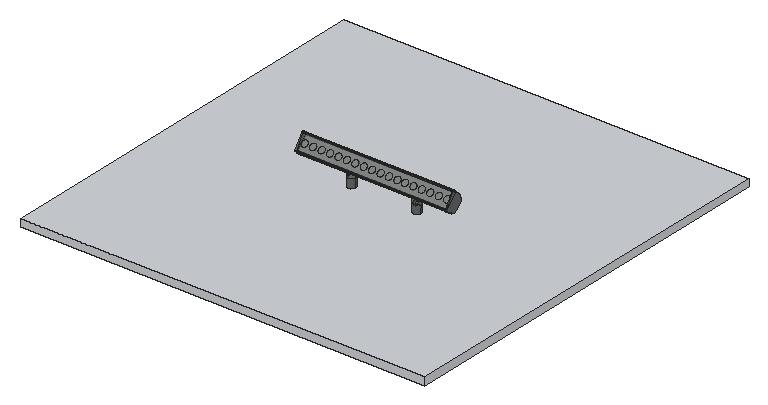
Revit family "INT-3-K", category Lighting Fixtures, host Face, Revit 2021
Family settings
  Host = Face
  Round Connector Dimension = Use Diameter
  Part Type = Normal
  OmniClass Number = 23.80.70.11.14.17
  OmniClass Title = Direct/Indirect
  Cut with Voids When Loaded = No
  Light Source = No
  Shared = Yes
  Room Calculation Point = No
Parameters (values of type "INT")
  zz Angle = if(Angle Tilt < 0.5°, 0.5°, if(Angle Tilt > 89.5°, 89.5°, Angle Tilt))  # 45°
  Wings = Paint -  Light Silver
  Width = 3.875"
  Watts = 15 W
  Wattage Comments = "15W"
  Warranty = "5 years Warranty"  # constant formula
  Voltage = 120 V
  URL = "https://www.currentlighting.com/kimlighting"
  Reflector Finish = White Glass
  Product Family URL = ""
  Power Factor = 1
  Mounting = Paint -  Light Silver
  Model = "INT-3-K"  # constant formula
  Manufacturer = "Kim Lighting"  # constant formula
  Load Classification = Lighting
  Length = 24.000"
  Lamp = "LED"  # constant formula
  Housing Material = Paint -  Basic Black Textured
  Glass = Glass
  Fixture distribution = "Direct"  # constant formula
  Height = 4.000"
  Features = "Architectural linear product for wall and ground mounting\r\napplications such as sign lighting, wall washing, wall grazing, and\r\nbuilding accent lighting\r\n• IP66 rated product with linear run capabilities\r\n• Lumen range from 657 to 3,271 lm"  # constant formula
  Description = "Intent"  # constant formula
  Default Elevation = 48.000"
  Copyright = " ©Kim Lighting"  # constant formula
  Contact = ""
  Connector Description = "Lighting Connector"  # constant formula
  Assembly Code = "D5020200"
  Apparent Load = Watts / Power Factor  # 15 VA
  Angle Tilt = 45°
Reference planes (in)
  plane 1 "Center (Front/Back)": y = 0
  plane 2: z = 0.5561
  plane 3 "Center (Left/Right)": x = 0
  plane 4: z = -5.92028
  plane 5: z = 4.5561
  plane 6: y = 2.5249
  plane 7: y = -2.5249
  plane 8: y = -1.9375
  plane 9: y = 1.9375
  plane 10: z = 16.60335
  plane 11: x = -2.9
  plane 12: x = 2.9
  plane 13: z = 1.3061
  plane 14: z = 3.5561
  plane 15: x = 18
  plane 16: x = -18
  plane 17: x = 8.7
  plane 18: x = -8.7
Forms (in)
  Extrusion 1, solid
    sketch origin (0, 0, 0) x (1, 0, 0) y (0, 1, 0)
      loop
        line (-48, 48) -> (-48, -48) -> (48, -48) -> (48, 48) -> (-48, 48)
    from 0.5561 to -1.25
  Extrusion 2, solid, material "Paint -  Basic Black Textured" <- "Housing Material"
    sketch origin (3.45004, -0.03381, -5.69519) x (0, 1, 0) y (0, 0, -1)
      loop
        arc (0.44524, -9.06222) -> (0.47434, -8.87244) -> (0.55897, -8.70011) r 0.63334
        arc (0.55897, -8.70011) -> (0.09086, -7.77213) -> (-0.42804, -8.67269) r 0.59055
        arc (-0.42804, -8.67269) -> (-0.34364, -8.86433) -> (-0.31478, -9.07172) r 0.75958
        line (-0.31478, -9.07172) -> (-0.31478, -9.93202)
        arc (-0.31478, -9.93202) -> (-0.20348, -10.20073) -> (0.06523, -10.31203) r 0.38001
        arc (0.06523, -10.31203) -> (0.33393, -10.20073) -> (0.44524, -9.93202) r 0.38001
        line (0.44524, -9.93202) -> (0.44524, -9.06222)
    from -5.03419 to -4.31431
  Revolve 3, solid, material "Paint -  Basic Black Textured" <- "Housing Material"
    sketch origin (19.47362, 0, -1.94519) x (-1, 0, 0) y (0, 0, 1)
      loop
        line (11.70927, 5.09421) -> (11.70927, 2.50286) -> (11.70927, 2.01234) -> (12.16449, 2.01234)
        arc (12.16449, 2.01234) -> (12.19188, 2.03974) -> (12.16449, 2.06713) r 0.0274
        arc (12.16449, 2.06713) -> (12.19188, 2.09453) -> (12.16449, 2.12192) r 0.0274
        arc (12.16449, 2.12192) -> (12.19188, 2.14932) -> (12.16449, 2.17672) r 0.0274
        arc (12.16449, 2.17672) -> (12.19188, 2.20411) -> (12.16449, 2.23151) r 0.0274
        arc (12.16449, 2.23151) -> (12.19188, 2.2589) -> (12.16449, 2.2863) r 0.0274
        arc (12.16449, 2.2863) -> (12.19188, 2.3137) -> (12.16449, 2.34109) r 0.0274
        arc (12.16449, 2.34109) -> (12.19114, 2.37481) -> (12.15218, 2.39296) r 0.0274
        line (12.15218, 2.39296) -> (12.15218, 2.50286) -> (12.68898, 2.50286) -> (12.68898, 4.70051)
        arc (12.68898, 4.70051) -> (12.57366, 4.9789) -> (12.29528, 5.09421) r 0.3937
        line (12.29528, 5.09421) -> (11.70927, 5.09421)
      axis (11.70927, 2.01234) -> (11.70927, 5.09421)
    angle from 0 to 360
  Extrusion 4, void
    sketch origin (19.47362, 0, -1.94519) x (0, 1, 0) y (0, 0, -1)
      loop
        line (1.93491, -5.21791) -> (1.93491, -4.3346) -> (0.57955, -4.3346)
        arc (0.57955, -4.3346) -> (0.05845, -4.02191) -> (-0.46265, -4.3346) r 0.59055
        line (-0.46265, -4.3346) -> (-1.93491, -4.3346) -> (-1.93491, -5.21791) -> (1.93491, -5.21791)
    from 10.37821 to 11.70927
  Extrusion 5, solid, material "Paint -  Basic Black Textured" <- "Housing Material"
    sketch origin (-3.45004, -0.03381, -5.69519) x (0, 1, 0) y (0, 0, 1)
      loop
        line (0.44524, 9.06222) -> (0.44524, 9.93202)
        arc (0.44524, 9.93202) -> (0.33393, 10.20073) -> (0.06523, 10.31203) r 0.38001
        arc (0.06523, 10.31203) -> (-0.20348, 10.20073) -> (-0.31478, 9.93202) r 0.38001
        line (-0.31478, 9.93202) -> (-0.31478, 9.07172)
        arc (-0.31478, 9.07172) -> (-0.34364, 8.86433) -> (-0.42804, 8.67269) r 0.75958
        arc (-0.42804, 8.67269) -> (0.09086, 7.77213) -> (0.55897, 8.70011) r 0.59055
        arc (0.55897, 8.70011) -> (0.47434, 8.87244) -> (0.44524, 9.06222) r 0.63334
    from -5.03419 to -4.31431
  Revolve 6, solid, material "Paint -  Basic Black Textured" <- "Housing Material"
    sketch origin (-19.47362, 0, -1.94519) x (1, 0, 0) y (0, 0, 1)
      loop
        line (11.70927, 5.09421) -> (11.70927, 2.50286) -> (11.70927, 2.01234) -> (12.16449, 2.01234)
        arc (12.16449, 2.01234) -> (12.19188, 2.03974) -> (12.16449, 2.06713) r 0.0274
        arc (12.16449, 2.06713) -> (12.19188, 2.09453) -> (12.16449, 2.12192) r 0.0274
        arc (12.16449, 2.12192) -> (12.19188, 2.14932) -> (12.16449, 2.17672) r 0.0274
        arc (12.16449, 2.17672) -> (12.19188, 2.20411) -> (12.16449, 2.23151) r 0.0274
        arc (12.16449, 2.23151) -> (12.19188, 2.2589) -> (12.16449, 2.2863) r 0.0274
        arc (12.16449, 2.2863) -> (12.19188, 2.3137) -> (12.16449, 2.34109) r 0.0274
        arc (12.16449, 2.34109) -> (12.19114, 2.37481) -> (12.15218, 2.39296) r 0.0274
        line (12.15218, 2.39296) -> (12.15218, 2.50286) -> (12.68898, 2.50286) -> (12.68898, 4.70051)
        arc (12.68898, 4.70051) -> (12.57366, 4.9789) -> (12.29528, 5.09421) r 0.3937
        line (12.29528, 5.09421) -> (11.70927, 5.09421)
      axis (11.70927, 2.01234) -> (11.70927, 5.09421)
    angle from 0 to 360
  Extrusion 7, void
    sketch origin (-19.47362, 0, -1.94519) x (0, 1, 0) y (0, 0, 1)
      loop
        line (1.93491, 5.21791) -> (-1.93491, 5.21791) -> (-1.93491, 4.3346) -> (-0.46265, 4.3346)
        arc (-0.46265, 4.3346) -> (0.05845, 4.02191) -> (0.57955, 4.3346) r 0.59055
        line (0.57955, 4.3346) -> (1.93491, 4.3346) -> (1.93491, 5.21791)
    from 10.37821 to 11.70927
Cuts and joins
  Extrusion 4, Extrusion 7 cuts Revolve 3
  Extrusion 7 cuts Extrusion 2
  Extrusion 7 cuts Revolve 6
Dimensions and locks (in)
  plane 2 to plane 4 = 6.47638"
  "Height": plane 5 to Extrusion 1
  equal spacing: plane 7, plane 1 "Center (Front/Back)", plane 6
  plane 7 to plane 6 = 5.0498"
  "Width": plane 9 to plane 8
  equal spacing: plane 9, plane 1 "Center (Front/Back)", plane 8
  plane 6 to plane 7 = 5.0498"
  locked: plane 5 to plane 14 at 1
  "zz Angle": angle plane 5 to nested 1
  aligned and locked: plane 2 to Extrusion 1
  aligned and locked: nested 1 to plane 5
Automatic sketch dimensions
  Extrusion 1 sketch curve to Extrusion 1 sketch curve = 96.000"  (x2)
  Extrusion 2 sketch curve to Extrusion 2 sketch curve = 0.000"  (x3)
  Extrusion 2 sketch curve to plane 14 = 0.17957"
  Extrusion 2 sketch curve to plane 8 = 0.82933"
  plane 1 "Center (Front/Back)" to Extrusion 2 sketch curve = 0.34859"
  Extrusion 2 sketch curve to plane 1 "Center (Front/Back)" = 0.03142"
  Extrusion 2 sketch curve to plane 1 "Center (Front/Back)" = 0.04066"
  Extrusion 2 sketch curve to plane 14 = 0.18908"
  Extrusion 2 sketch curve to Extrusion 2 sketch curve = 0.63334"
  plane 5 to Extrusion 2 sketch curve = 0.31927"
  Extrusion 2 sketch curve to Extrusion 2 sketch curve = 0.69976"
  plane 14 to Revolve 3 sketch curve = 0.40709"
  plane 17 to Revolve 3 sketch curve = 0.93565"
  plane 2 to Revolve 3 sketch curve = 0.10833"
  Revolve 3 sketch curve to Revolve 3 sketch curve = 0.44291"
  Revolve 3 sketch curve to level = 0.06715"
  Revolve 3 sketch curve to Revolve 3 sketch curve = 0.0123"
  Revolve 3 sketch curve to Revolve 3 sketch curve = 0.000"  (x12)
  Revolve 3 sketch curve to Revolve 3 sketch curve = 0.586"
  Revolve 3 sketch curve to Revolve 3 sketch curve = 0.3937"
  Revolve 3 sketch curve to Revolve 3 sketch curve = 0.0274"  (x2)
  Revolve 3 sketch curve to Revolve 3 sketch curve = 0.05479"  (x4)
  Revolve 3 sketch curve to Revolve 3 sketch curve = 0.02448"
  Revolve 3 sketch curve to plane 2 = 0.00156"  (x2)
  level to Revolve 3 sketch curve = 0.06438"
  Revolve 3 sketch curve to Revolve 3 sketch curve = 0.42188"
  Extrusion 4 sketch curve to plane 8 = 0.00259"
  plane 1 "Center (Front/Back)" to Extrusion 4 sketch curve = 0.46265"
  Extrusion 4 sketch curve to plane 1 "Center (Front/Back)" = 0.05845"
  Extrusion 4 sketch curve to plane 1 "Center (Front/Back)" = 0.57955"
  plane 9 to Extrusion 4 sketch curve = 0.00259"
  Extrusion 4 sketch curve to plane 14 = 0.28339"
  Extrusion 4 sketch curve to plane 14 = 0.88884"
  Extrusion 4 sketch curve to Extrusion 4 sketch curve = 0.88331"
  Extrusion 5 sketch curve to Extrusion 5 sketch curve = 0.000"  (x3)
  Extrusion 5 sketch curve to plane 14 = 0.17957"
  Extrusion 5 sketch curve to plane 8 = 0.82933"
  plane 1 "Center (Front/Back)" to Extrusion 5 sketch curve = 0.34859"
  Extrusion 5 sketch curve to plane 1 "Center (Front/Back)" = 0.03142"
  Extrusion 5 sketch curve to plane 1 "Center (Front/Back)" = 0.04066"
  Extrusion 5 sketch curve to plane 14 = 0.18908"
  Extrusion 5 sketch curve to Extrusion 5 sketch curve = 0.63334"
  Extrusion 5 sketch curve to Extrusion 5 sketch curve = 0.69976"
  plane 5 to Extrusion 5 sketch curve = 0.31927"
  Revolve 6 sketch curve to plane 14 = 0.40709"
  plane 18 to Revolve 6 sketch curve = 0.93565"
  Revolve 6 sketch curve to plane 2 = 0.10833"
  Revolve 6 sketch curve to Revolve 6 sketch curve = 0.44291"
  level to Revolve 6 sketch curve = 0.06715"
  Revolve 6 sketch curve to Revolve 6 sketch curve = 0.0123"
  Revolve 6 sketch curve to Revolve 6 sketch curve = 0.000"  (x12)
  Revolve 6 sketch curve to Revolve 6 sketch curve = 0.586"
  Revolve 6 sketch curve to Revolve 6 sketch curve = 0.3937"
  Revolve 6 sketch curve to Revolve 6 sketch curve = 0.0274"  (x2)
  Revolve 6 sketch curve to Revolve 6 sketch curve = 0.05479"  (x4)
  Revolve 6 sketch curve to Revolve 6 sketch curve = 0.02448"
  plane 2 to Revolve 6 sketch curve = 0.00156"  (x2)
  Revolve 6 sketch curve to level = 0.06438"
  Revolve 6 sketch curve to Revolve 6 sketch curve = 0.42188"
  Extrusion 7 sketch curve to plane 8 = 0.00259"
  plane 1 "Center (Front/Back)" to Extrusion 7 sketch curve = 0.46265"
  Extrusion 7 sketch curve to plane 1 "Center (Front/Back)" = 0.05845"
  Extrusion 7 sketch curve to plane 1 "Center (Front/Back)" = 0.57955"
  plane 9 to Extrusion 7 sketch curve = 0.00259"
  Extrusion 7 sketch curve to plane 13 = 1.0833"
  Extrusion 7 sketch curve to Extrusion 7 sketch curve = 0.27786"
  Extrusion 7 sketch curve to plane 14 = 0.28339"
Nested families (in)
  nested 1: "Family2" at (1.10236, 0.3203, 4.5561) x (0, -0.7071, 0.7071) z (-1, 0, 0), type "Family2"
Connectors (in)
  electrical at (7.76435, 0, 0.55766), driven by "Voltage", driven by "Apparent Load", driven by "Power Factor", driven by "Connector Description"
    settings: on cut or joined group of Revolve 3, Extrusion 4, Extrusion 7, index 1, voltage 120 V, apparent load 15 VA, apparent load phase1 0 VA, apparent load phase2 0 VA, apparent load phase3 0 VA, power factor 1, load classification "Other", number of poles 1, system type 30, power factor state 1, is connector primary yes, connector utility no, sub classification motor no, connector description "Lighting Connector"
Definition of nested family "Family2"
  Parameters
    Wattage = 25 W
    built-in parameter 1150110 = 1 (stored number, unit not read)
    built-in parameter 1114217 = 1 (stored number, unit not read)
    Tilt Angle = 60°
    built-in parameter 1150109 = 1 (stored number, unit not read)
    built-in parameter 1150134 = 3
    built-in parameter 1150113 = 1 (stored number, unit not read)
    Photometric Web File = "INT-2-24L-30-3K7-WG.ies"
    built-in parameter 1150105 = 295.51 (stored number, unit not read)
    Lumens = 3713.55 lm
    built-in parameter 1150115 = 1 (stored number, unit not read)
    built-in parameter 1150137 = (empty or 0)
    built-in parameter 1150139 = (empty or 0)
    built-in parameter 1150112 = 1 (stored number, unit not read)
    built-in parameter 1150114 = 1 (stored number, unit not read)
    built-in parameter 1150132 = (empty or 0)
    built-in parameter 1150102 = (empty or 0)
    built-in parameter 1150107 = 3200 (stored number, unit not read)
    built-in parameter 1150138 = (empty or 0)
    built-in parameter 1150106 = 2.9551 (stored number, unit not read)
    Housing = none
    Glass = none
    built-in parameter 1150104 = 13.8 (stored number, unit not read)
    Dimming Lamp Color Temperature Shift = (empty or 0)
    Default Elevation = 48.000"
    Color Filter = 16777215
    built-in parameter 1114218 = 1 (stored number, unit not read)
    built-in parameter 1150133 = 10 (stored number, unit not read)
  Reference planes (in)
    plane 1 "Center (Front/Back)": y = 0
    plane 2: z = 0
    plane 3 "Center (Left/Right)": x = 0
    plane 4: z = 19.1
    plane 5: z = -16.9
  Forms (in)
    Extrusion 1, solid
      sketch origin (0, 0, 0) x (1, 0, 0) y (0, 1, 0)
        loop
          line (-48, 48) -> (-48, -48) -> (48, -48) -> (48, 48) -> (-48, 48)
      from 0 to -12
    Extrusion 2, solid, material <- "Housing"
      sketch origin (-11.61927, -0.13326, 1.10236) x (0.008677, -0.999962, 0) y (0.999962, 0.008677, 0)
        loop
          line (-1.9375, 16.60335) -> (-1.9375, 14.58076)
          arc (-1.9375, 14.58076) -> (0.00667, 12.63658) -> (1.95085, 14.58076) r 1.94417
          line (1.95085, 14.58076) -> (1.95085, 14.78758)
          arc (1.95085, 14.78758) -> (1.89614, 14.83995) -> (1.95085, 14.89233) r 0.05243
          line (1.95085, 14.89233) -> (1.95085, 14.94535)
          arc (1.95085, 14.94535) -> (1.89751, 14.99776) -> (1.95085, 15.05018) r 0.05243
          line (1.95085, 15.05018) -> (1.95085, 15.10316)
          arc (1.95085, 15.10316) -> (1.89888, 15.15558) -> (1.95085, 15.208) r 0.05243
          line (1.95085, 15.208) -> (1.95085, 15.65069) -> (1.73341, 15.70895) -> (1.73341, 15.52932) -> (-1.73341, 15.52932) -> (-1.73341, 16.56736) -> (-1.9375, 16.60335)
      from -18.00236 to 17.99764
    Extrusion 3, solid, material <- "Housing"
      sketch origin (-11.61927, -0.13326, 1.10236) x (0.008677, -0.999962, 0) y (0.999962, 0.008677, 0)
        loop
          line (-1.9375, 16.60335) -> (-1.9375, 14.58076)
          arc (-1.9375, 14.58076) -> (0.00667, 12.63658) -> (1.95085, 14.58076) r 1.94417
          line (1.95085, 14.58076) -> (1.95085, 14.78758)
          arc (1.95085, 14.78758) -> (1.89614, 14.83955) -> (1.95005, 14.89236) r 0.05243
          line (1.95005, 14.89236) -> (1.95051, 14.94534)
          arc (1.95051, 14.94534) -> (1.89751, 14.99793) -> (1.95085, 15.05018) r 0.05243
          line (1.95085, 15.05018) -> (1.95085, 15.10316)
          arc (1.95085, 15.10316) -> (1.89888, 15.15558) -> (1.95085, 15.208) r 0.05243
          line (1.95085, 15.208) -> (1.95085, 15.65069) -> (-1.9375, 16.60335)
      from 17.73107 to 17.99764
    Extrusion 4, solid, material <- "Housing"
      sketch origin (-11.61927, -0.13326, 1.10236) x (-0.999962, -0.008677, 0) y (0.008677, -0.999962, 0)
        loop
          line (-16.60335, -1.9375) -> (-14.58076, -1.9375)
          arc (-14.58076, -1.9375) -> (-12.63658, 0.00667) -> (-14.58076, 1.95085) r 1.94417
          line (-14.58076, 1.95085) -> (-14.78758, 1.95085)
          arc (-14.78758, 1.95085) -> (-14.83995, 1.89614) -> (-14.89233, 1.95085) r 0.05243
          line (-14.89233, 1.95085) -> (-14.94535, 1.95085)
          arc (-14.94535, 1.95085) -> (-14.99776, 1.89751) -> (-15.05018, 1.95085) r 0.05243
          line (-15.05018, 1.95085) -> (-15.10316, 1.95085)
          arc (-15.10316, 1.95085) -> (-15.15558, 1.89888) -> (-15.208, 1.95085) r 0.05243
          line (-15.208, 1.95085) -> (-15.65069, 1.95085) -> (-16.60335, -1.9375)
      from 17.73107 to 17.99764
    Extrusion 5, solid, material <- "Glass"
      sketch origin (-11.61927, -0.13326, 1.10236) x (0, 0, 1) y (0.008677, -0.999962, 0)
        loop
          line (17.73107, 1.95085) -> (-17.8125, 1.95085) -> (-17.8125, -1.76075) -> (17.73107, -1.76075) -> (17.73107, 1.95085)
      from 15.55834 to 15.65508
    Extrusion 6, solid, material <- "Housing"
      sketch origin (-12.05675, -0.13706, 1.10236) x (0.008677, -0.999962, 0) y (0.999962, 0.008677, 0)
        loop
          line (-1.28244, 13.69502) -> (-1.28244, 13.00042)
          arc (-1.28244, 13.00042) -> (-0.03244, 12.05749) -> (1.21756, 13.00042) r 1.3
          line (1.21756, 13.00042) -> (1.21756, 13.69502) -> (-1.28244, 13.69502)
      from -10.03944 to 9.89764
    Extrusion 7, solid, material <- "Glass"
      sketch origin (-11.61927, -0.13326, 1.10236) x (0, 0, 1) y (0.008677, -0.999962, 0)
        loop
          circle (-5.20689, 0) r 0.75
        loop
          circle (-3.20689, 0) r 0.75
        loop
          circle (-1.20689, 0) r 0.75
        loop
          circle (0.79311, 0) r 0.75
        loop
          circle (2.79311, 0) r 0.75
        loop
          circle (4.79311, 0) r 0.75
        loop
          circle (6.79311, 0) r 0.75
        loop
          circle (8.79311, 0) r 0.75
        loop
          circle (10.79311, 0) r 0.75
        loop
          circle (12.79311, 0) r 0.75
        loop
          circle (14.79311, 0) r 0.75
        loop
          circle (16.79311, 0) r 0.75
        loop
          circle (-6.99784, 0) r 0.75
        loop
          circle (-8.99784, 0) r 0.75
        loop
          circle (-10.99784, 0) r 0.75
        loop
          circle (-12.99784, 0) r 0.75
        loop
          circle (-14.99784, 0) r 0.75
        loop
          circle (-16.99784, 0) r 0.75
      from 15.55834 to 15.65508
    Extrusion 8, solid, material <- "Housing"
      sketch origin (-11.61927, -0.13326, -22.71014) x (0.008677, -0.999962, 0) y (0.999962, 0.008677, 0)
        loop
          line (-1.9375, 16.60335) -> (-1.9375, 14.58076)
          arc (-1.9375, 14.58076) -> (0.00667, 12.63658) -> (1.95085, 14.58076) r 1.94417
          line (1.95085, 14.58076) -> (1.95085, 14.78758)
          arc (1.95085, 14.78758) -> (1.89614, 14.83995) -> (1.95085, 14.89233) r 0.05243
          line (1.95085, 14.89233) -> (1.95085, 14.94535)
          arc (1.95085, 14.94535) -> (1.89751, 14.99776) -> (1.95085, 15.05018) r 0.05243
          line (1.95085, 15.05018) -> (1.95085, 15.10316)
          arc (1.95085, 15.10316) -> (1.89888, 15.15558) -> (1.95085, 15.208) r 0.05243
          line (1.95085, 15.208) -> (1.95085, 15.65069) -> (-1.9375, 16.60335)
      from 5.81014 to 6
    Extrusion 9, void
      sketch origin (0, 0.3125, 0) x (0, 1, 0) y (0, 0, 1)
        loop
          circle (-1.38482, 1.10236) r 0.125
        loop
          circle (-1.38482, 8.10236) r 0.125
        loop
          circle (-1.38482, -5.89764) r 0.125
        loop
          circle (0.80743, 1.10236) r 0.125
        loop
          circle (0.80743, 8.10236) r 0.125
        loop
          circle (0.80743, -5.89764) r 0.125
      from -0.15201 to 1.38325
  Cuts and joins
    Extrusion 9 cuts Extrusion 2
    Extrusion 9 cuts Extrusion 5
    Extrusion 9 cuts Extrusion 6
  Lines and regions (in)
    reference lines
      curve 1: line (0, 0, 1.10236) -> (6.25, 0, 1.10236)
      curve 2: line (0, 0, 102.71882) -> (0, 0, -24)
  Dimensions and locks (in)
    curve 2 to cut or joined group of Extrusion 6, Extrusion 9 = 1.38325"
    plane 4 to plane 2 to plane 5 = 19.100", 16.900"
    aligned and locked: plane 2 to Extrusion 1
    aligned and locked: level to Extrusion 1
    aligned and locked: Extrusion 3 to Extrusion 2
